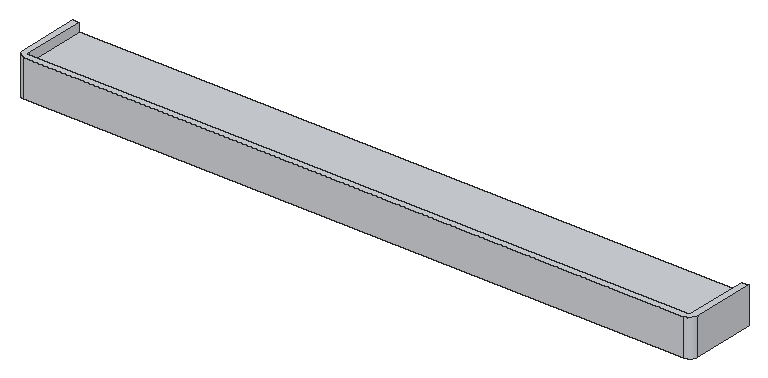
Revit family
Parameters (values of type "220 x 23mm")
  Material = none
Reference planes
  plane 1 "Center (Front/Back)": y = 0
  plane 2: z = 0
  plane 3 "Center (Left/Right)": x = -274.877
  plane 4: x = -384.877
  plane 5: x = -164.877
  plane 6: y = 23
  plane 7: z = 12
Forms (mm)
  Sweep 1, solid, material <- "Material"
    path origin (0, 0, 0) x (1, 0, 0) y (0, 1, 0)
      loop
        line (-384.877, 23) -> (-384.877, 2.5)
        arc (-384.877, 2.5) -> (-384.145, 0.732) -> (-382.377, 0) r 2.5
        line (-382.377, 0) -> (-167.377, 0)
        arc (-167.377, 0) -> (-165.609, 0.732) -> (-164.877, 2.5) r 2.5
        line (-164.877, 2.5) -> (-164.877, 23)
    profile origin (0, 12.75, 0) x (1, 0, 0) y (0, 0, 1)
      loop
        line (-384.877, 0) -> (-382.877, 0) -> (-382.877, 12) -> (-384.877, 12) -> (-384.877, 0)
  Extrusion 2, solid, material <- "Material"
    sketch origin (0, 0, 0) x (1, 0, 0) y (0, 1, 0)
      loop
        arc (-382.877, 2.5) -> (-382.731, 2.146) -> (-382.377, 2) r 0.5
        line (-382.377, 2) -> (-167.377, 2)
        arc (-167.377, 2) -> (-167.023, 2.146) -> (-166.877, 2.5) r 0.5
        line (-166.877, 2.5) -> (-166.877, 23) -> (-382.877, 23) -> (-382.877, 2.5)
    from 2.765 to 9.254
Dimensions and locks
  equal spacing: plane 4, plane 3 "Center (Left/Right)", plane 5
